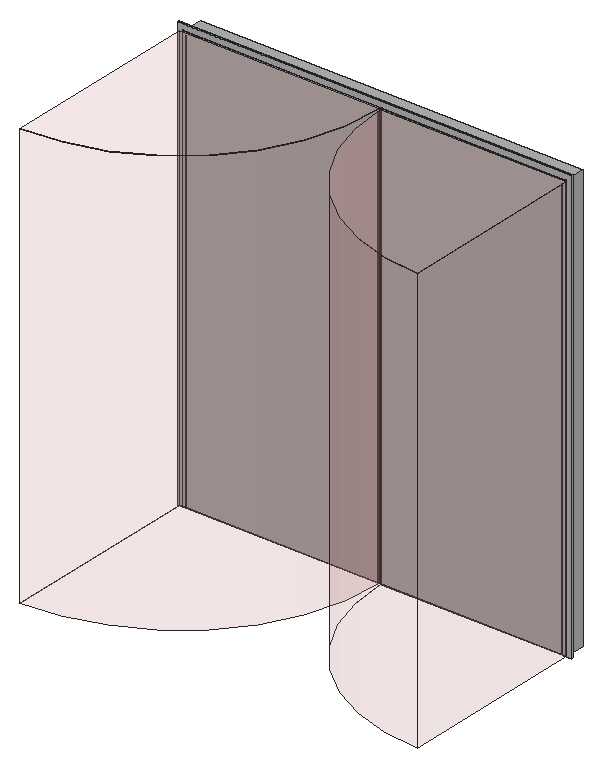
Revit family "ASSA ABLOY - ALPE Sp 30-2, double-leaf, angular frame", category Doors, host Wall, Revit 2021
Family settings
  Host = Wall
  OmniClass Number = 23.30.10.00
  OmniClass Title = Doors
  Always vertical = Yes
  Cut with Voids When Loaded = No
  Shared = No
  Room Calculation Point = No
Parameters (values of type "1800 x 2100 (1920 x 2140)")
  URL = "https://www.assaabloy.com/pl/pl"
  Type Comments = "Door leaf made of two pressed galvanised steel sheets 1,25mm thick. Filled with mineral wool glued to the sheets with polyurethane adhesive. Door with 3-sided thin rebate."
  Rough Width Real = Width Round + Rough Width Conversion + Rough Width Adjustment  # 1911.500 mm
  Rough Height Real = Height Round + Rough Height Conversion + Rough Height Adjustment  # 2134.000 mm
  Rough Width Conversion = 111.500 mm  # constant formula
  Rough Width Adjustment = 0.000 mm  # constant formula
  Rough Height Conversion = 34.000 mm  # constant formula
  Rough Height Adjustment = 0.000 mm  # constant formula
  Passive Symbol Radius [instance] = Passive Leaf Width + 13.500 mm  # 1001.000 mm
  Passive Leaf Width [instance] = Rough Width Real - Middle Post - 4.000 mm  # 987.500 mm
  Opening Zone [instance] = yes
  Model = "Doorset_Steel door NFR or EI30, evacuation (EN 1125) - active leaf_ASSA ABLOY Opening Solutions_Hardware 3D"
  Middle Post [instance] = Active Leaf Clear Passage Width + 120.000 mm  # 920.000 mm
  Hinges Material = Default steel
  HW Item 9 = "1x TL0151BS: round rosette PZPZ, stainless steel_ASSA ABLOY"
  HW Item 8 = "1x TL4106SS: U-shape handle on round rosette, class 4 (EN1906), stainless steel_ASSA ABLOY"
  HW Item 10 = "1x 206253: Vercy door stopper, max 120 kg_ASSA ABLOY (option)"
  Frame Finish [instance] = ""
  Fire Rating NFR (0) = [Fire Rating - Set Value] = 0  # yes
  Fire Rating EI30 (1) = [Fire Rating - Set Value] = 1  # no
  Fire Rating - Set Value = 0
  Fire Rating = if([Fire Rating NFR (0)], "NFR", if([Fire Rating EI30 (1)], "EI30", "0"))  # "NFR"
  Width Round = roundup((Width / 5.000 mm)) * 5.000 mm  # 1800.000 mm
  Thickness = 54.000 mm  # constant formula
  Smoke Rating = "Sa, S200 (optional)"
  Rough Width = Width Round + 8.500 mm + Rough Width Conversion + Rough Width Adjustment  # 1920.000 mm
  Rough Height = Height Round + 6.000 mm + Rough Height Conversion + Rough Height Adjustment  # 2140.000 mm
  Readme = "The actual lintel height is consistent with the Rough Height parameter.\r\nThe final HW Set should be consistent with the function of the door and its  parameters.\r\nHardware mounted on door surface may affect the clear passage opening. For verification, please contact the specification department.\r\nFor the corner door frame installed in a steel structure and plasterboard walls, add 3 cm per each leaf to the width of the Rough Width opening.\r\nIf you would like to change panic device to another one, please contact the specification team to verify opening and new solution compatibility."
  Provider = "ASSA ABLOY Opening Solutions"
  Product Group = "Double-Steel-Evacuation (EN 1125)"
  Name = "Steel door NFR or EI30, evacuation (EN 1125) - active leaf"
  Min Door Width = 1250.000 mm
  Min Door Height = 2000.000 mm
  Mechanical Strength = 4
  Max Door Width = 2440.000 mm
  Max Door Height = 2500.000 mm
  Manufacturer = "ASSA ABLOY"  # constant formula
  IfcExportType = "USERDEFINED"
  IfcExportAs = "IfcDoorType"
  Height Round = roundup((Height / 5.000 mm)) * 5.000 mm  # 2100.000 mm
  Hardware Set = "2.9PL"
  HW Item 7 = "1x N2000: One System panic device (EN1125), type A (crossbar)_ASSA ABLOY"
  HW Item 6 = "1x SK6 Radius: euro profile cylinder_IKON"
  HW Item 5 = "1x N4572: central semi-automatic flush bolt _Corni (passive leaf)"
  HW Item 4 = "1x N11xx: mechanical, panic mortice lockcase_ASSA ABLOY"
  HW Item 3 = "2x A153: mechanical opening damper_ASSA ABLOY (option)"
  HW Item 2 = "1x G461: guide rail with integrated coordinator_ASSA ABLOY"
  HW Item 1 = "2x DC700/ DC500: door closer, Cam-Motion®_ASSA ABLOY"
  Function = Interior
  Height = 2100.000 mm
  Wall Closure = By host
  Width = 1800.000 mm
  Frame Type = "Welded steel corner frame, made of galvanised sheet 1,5mm thick."
  Frame Material = Default steel
  Family name = "2.9_DOORSET_ALPE Sp 30-2_DOUBLE-LEAF_CORNER FRAME_ASSA ABLOY PL"
  Environmental Product Declaration (EPD) = "To be confirmed with Provider"  # constant formula
  Environmental Management System = "To be confirmed with Provider"  # constant formula
  Edition number = "1"
  Door Type = "ALPE Sp 30-2"
  Door Material = Default steel
  Door Finish Push Side [instance] = ""
  Door Finish Pull Side [instance] = ""
  Description = "ALPE Sp 30-2, door leaf made of two pressed galvanised steel sheets 1,25mm thick. Filled with mineral wool glued to the sheets with polyurethane adhesive. Door with 3-sided thin rebate. Stainless steel hinges with 3D regulation. Mechanical durability – class C5 according to PN-EN 16034:2014. Mechanical strength – class 4 according to PN-EN 1192:2001. Welded steel corner frame, made of galvanised sheet 1,5mm thick."
  Date of publishing = ""
  Contact Provider = "https://www.assaabloy.com/pl/pl/solutions/topics/bim-specification/contact"
  Brand = "ASSA ABLOY Mercor Doors Sp. z o. o."  # constant formula
  Author = "www.archispace.pl"
  Active Symbol Radius [instance] = Active Leaf Width + 13.500 mm  # 929.500 mm
  Active Leaf Width [instance] = Middle Post - 4.000 mm  # 916.000 mm
  Active Leaf Clear Passage Width = 800.000 mm
Types (3, lengths in mm): name | Rough Width Real | Rough Height Real | Passive Symbol Radius | Passive Leaf Width | Middle Post | Width Round | Rough Width | Rough Height | Height Round | Height | Width | Active Symbol Radius | Active Leaf Width | Active Leaf Clear Passage Width
  1250 x 2000 (1370 x 2040) | 1361.500 | 2034.000 | 672.000 | 658.500 | 699.000 | 1250.000 | 1370.000 | 2040.000 | 2000.000 | 2000.000 | 1250.000 | 708.500 | 695.000 | 579.000
  1800 x 2100 (1920 x 2140) | 1911.500 | 2134.000 | 1001.000 | 987.500 | 920.000 | 1800.000 | 1920.000 | 2140.000 | 2100.000 | 2100.000 | 1800.000 | 929.500 | 916.000 | 800.000
  2450 x 2500 (2570 x 2540) | 2561.500 | 2534.000 | 1651.000 | 1637.500 | 920.000 | 2450.000 | 2570.000 | 2540.000 | 2500.000 | 2500.000 | 2450.000 | 929.500 | 916.000 | 800.000
Reference planes
  plane 1: y = 0
  plane 2 "Center (Left/Right)": x = 0
  plane 3: z = 2134
  plane 4 "Exterior": y = 120
  plane 5 "Interior": y = -120
  plane 6: x = -955.75
  plane 7: x = 955.75
  plane 8: z = 2100
  plane 9: y = -129
  plane 10: x = 35.75
  plane 11: y = -74
  plane 12: y = -60
  plane 13: y = -22
  plane 14: y = -24.5
  plane 15: z = 2117
  plane 16: x = 938.35
  plane 17: x = -938.35
  plane 18: x = 921.75
  plane 19: x = -921.75
  plane 20: x = 17.05
  plane 21: x = 54.45
  plane 22: y = -137
  plane 23: x = -966.85
  plane 24: x = 966.85
  plane 25: z = 5
  plane 26: x = -960
  plane 27: x = 960
  plane 28: z = 2140
  plane 29: z = 2133
Forms (mm)
  Sweep 1, solid, material "Default steel" <- "Frame Material"
    path origin (0, -120, 0) x (1, 0, 0) y (0, 0, 1)
      loop
        line (-955.75, 0) -> (-955.75, 2134) -> (955.75, 2134) -> (955.75, 0)
    profile origin (-955.75, -120, 1067) x (-1, 0, 0) y (0, -1, 0)
      loop
        line (30, 0) -> (30, 9) -> (-12, 9) -> (-12, -60) -> (-19, -60) -> (-19, -46) -> (-34, -46) -> (-34, -98) -> (-8, -98) -> (-8, -95.5) -> (0, -95.5) -> (0, 0) -> (30, 0)
  Sweep 2, solid, material "Default steel" <- "Door Material"
    path origin (-5000, -120, 0) x (1, 0, 0) y (0, 0, 1)
      loop
        line (4061.65, 5) -> (4061.65, 2116.6) -> (5014.05, 2116.6) -> (5014.05, 5)
    profile origin (-462.15, -120, 2116.6) x (0, 0, 1) y (0, -1, 0)
      loop
        line (0, 12.4) -> (0, 10) -> (19, 10) -> (19, 12.4) -> (0, 12.4)
  Sweep 3, solid, material "Default steel" <- "Door Material"
    path origin (0, -120, 0) x (1, 0, 0) y (0, 0, 1)
      loop
        line (0, 5) -> (0, 2116.6)
    profile origin (0, -120, 1060.8) x (-1, 0, 0) y (0, -1, 0)
      loop
        line (938.35, -41.6) -> (938.35, 12.4) -> (-17.05, 12.4) -> (-17.05, -41.6) -> (938.35, -41.6)
  Sweep 4, solid, material "Opening zone", visible <- "Opening Zone"
    path origin (-5600, 0, 0) x (-1, 0, 0) y (0, 0, 1)
      loop
        line (-5600, 5) -> (-5600, 2133)
    profile origin (0, 0, 1069) x (1, 0, 0) y (0, 1, 0)
      loop
        line (-966.85, -137) -> (-966.85, -1138)
        arc (-966.85, -1138) -> (-259.036, -844.814) -> (34.15, -137) r 1001
        line (34.15, -137) -> (-966.85, -137)
  Sweep 5, solid, material "Default steel" <- "Frame Material"
    path origin (0, -120, 0) x (1, 0, 0) y (0, 0, 1)
      loop
        line (35.75, 5) -> (35.75, 2100)
    profile origin (35.75, -120, 1052.5) x (-1, 0, 0) y (0, -1, 0)
      loop
        line (18.7, 10) -> (6, 10) -> (-2, 7) -> (-13.3, 7) -> (-13.3, -43.2) -> (-20.8, -43.2) -> (-20.8, -54) -> (-35.8, -54) -> (-35.8, -43.2) -> (-38.3, -43.2) -> (-38.3, -57.6) -> (31.7, -57.6) -> (31.7, -41.6) -> (18.7, -41.6) -> (18.7, 10)
  Sweep 6, solid, material "Default steel" <- "Door Material"
    path origin (-4260, -120, 0) x (1, 0, 0) y (0, 0, 1)
      loop
        line (4317.45, 5) -> (4317.45, 2116.6) -> (5198.35, 2116.6) -> (5198.35, 5)
    profile origin (497.9, -120, 2116.6) x (0, 0, 1) y (0, -1, 0)
      loop
        line (0, 12.4) -> (0, 10) -> (19, 10) -> (19, 12.4) -> (0, 12.4)
  Sweep 7, solid, material "Default steel" <- "Door Material"
    path origin (740, -120, 0) x (1, 0, 0) y (0, 0, 1)
      loop
        line (-704.25, 5) -> (-704.25, 2116.6)
    profile origin (35.75, -120, 1060.8) x (-1, 0, 0) y (0, -1, 0)
      loop
        line (-902.6, -41.6) -> (-18.7, -41.6) -> (-18.7, 12.4) -> (-902.6, 12.4) -> (-902.6, -41.6)
  Sweep 8, solid, material "Opening zone", visible <- "Opening Zone"
    path origin (5600, 0, 0) x (1, 0, 0) y (0, 0, -1)
      loop
        line (-5600, -5) -> (-5600, -2133)
    profile origin (0, 0, 1069) x (1, 0, 0) y (0, 1, 0)
      loop
        line (966.85, -137) -> (37.35, -137)
        arc (37.35, -137) -> (309.594, -794.256) -> (966.85, -1066.5) r 929.5
        line (966.85, -1066.5) -> (966.85, -137)
Cuts and joins
  joined: Sweep 2, Sweep 3
  joined: Sweep 1, Sweep 5
  joined: Sweep 6, Sweep 7
Lines and regions (mm)
  Masking region 1, detail levels fine
    outline origin (-1132.682, -300, 2037) x (-1, 0, 0) y (0, -1, 0)
      loop
        line (-210.932, -226) -> (-210.932, -278) -> (-184.932, -278) -> (-184.932, -275.5) -> (-176.932, -275.5) -> (-176.932, -180) -> (-146.932, -180) -> (-146.932, -171) -> (-188.932, -171) -> (-188.932, -240) -> (-195.932, -240) -> (-195.932, -226) -> (-210.932, -226)
      loop
        line (-2054.432, -226) -> (-2069.432, -226) -> (-2069.432, -240) -> (-2076.432, -240) -> (-2076.432, -171) -> (-2118.432, -171) -> (-2118.432, -180) -> (-2088.432, -180) -> (-2088.432, -275.5) -> (-2080.432, -275.5) -> (-2080.432, -278) -> (-2054.432, -278) -> (-2054.432, -226)
  Masking region 2, detail levels medium
    outline origin (-1132.682, -300, 2037) x (-1, 0, 0) y (0, -1, 0)
      loop
        line (-210.932, -171) -> (-210.932, -278) -> (-176.932, -278) -> (-176.932, -180) -> (-146.932, -180) -> (-146.932, -171) -> (-210.932, -171)
      loop
        line (-2054.432, -171) -> (-2118.432, -171) -> (-2118.432, -180) -> (-2088.432, -180) -> (-2088.432, -278) -> (-2054.432, -278) -> (-2054.432, -171)
  Masking region 3, detail levels fine
    outline origin (-1132.682, -300, 2037) x (-1, 0, 0) y (0, -1, 0)
      loop
        circle (-165.832, -163) r 9.5
      loop
        circle (-2099.532, -163) r 9.5
  Opening 1
    outline origin (-5000, -120, 0) x (1, 0, 0) y (0, 0, 1)
      loop
        line (4040, 2140) -> (4040, 0) -> (5960, 0) -> (5960, 2140) -> (4040, 2140)
  symbolic lines, style "Elevation Swing"
    curve 1: line (32.75, -120, 1067) -> (-921.75, -120, 2100)
    curve 2: line (32.75, -120, 1067) -> (-921.75, -120, 5)
    curve 3: line (38.75, -120, 1067) -> (921.75, -120, 2100)
    curve 4: line (38.75, -120, 1067) -> (921.75, -120, 5)
Text (mm)
  text "Exterior" at (-1376.75, 1099.543, 0), in view "Ref. Level"
  text "Exterior" at (0, 1615.38, 3698.081), in view "Left"
  text "Exterior" at (0, 1036.032, 3874.932), in view "Right"
Dimensions and locks
  "Rough Height Real": plane 3 to host wall
  equal spacing: host wall, curve 2, plane 3
  host wall to plane 3 = 2134.000 mm
  locked: plane 4 "Exterior" to host wall
  locked: plane 5 "Interior" to host wall
  equal spacing: plane 6, plane 2 "Center (Left/Right)", plane 7
  "Rough Width Real": plane 6 to plane 7
  "Height": plane 8 to level
  locked: Masking region 1 sketch curve to plane 6 at 30
  locked: plane 6 to Masking region 1 sketch curve at 12
  locked: plane 9 to plane 5 "Interior" at 9
  locked: plane 11 to plane 12 at 14
  locked: plane 12 to plane 14 at 35.5
  locked: plane 13 to plane 14 at 2.5
  locked: plane 6 to Masking region 1 sketch curve at 8
  locked: plane 6 to Masking region 1 sketch curve at 19
  locked: Masking region 2 sketch curve to plane 6 at 30
  locked: plane 7 to Masking region 2 sketch curve at 30
  locked: plane 7 to Masking region 1 sketch curve at 30
  locked: Masking region 1 sketch curve to plane 7 at 12
  locked: Masking region 1 sketch curve to plane 7 at 8
  locked: plane 6 to plane 17 at 17.4
  locked: plane 16 to plane 7 at 17.4
  locked: plane 3 to plane 15 at 17
  locked: plane 18 to plane 7 at 34
  locked: plane 6 to plane 19 at 34
  locked: plane 20 to plane 10 at 18.7
  locked: plane 10 to plane 21 at 18.7
  "Middle Post": plane 10 to plane 7
  locked: plane 22 to plane 5 "Interior" at 17
  locked: plane 18 to plane 24 at 45.1
  locked: plane 23 to plane 19 at 45.1
  equal spacing: plane 3, curve 4, level
  locked: plane 25 to level at 5
  equal spacing: plane 26, plane 2 "Center (Left/Right)", plane 27
  "Rough Width": plane 26 to plane 27
  "Rough Height": plane 28 to level
  locked: plane 3 to plane 29 at 1
  locked: plane 9 to plane 13 at 107
  plane 22 to nested 1 = 9.500 mm
  locked: Sweep 2 sketch curve to profile plane at 10
  cut or joined group of Sweep 2, Sweep 3 to plane 5 "Interior" = 12.400 mm
  locked: Sweep 3 sketch curve to Sweep 3 sketch curve at 54
  locked: plane 22 to Sweep 6 sketch curve at 4.6
  locked: Sweep 6 sketch curve to Sweep 6 sketch curve at 2.4
  locked: Sweep 7 sketch curve to plane 22 at 4.6
  locked: Sweep 7 sketch curve to Sweep 7 sketch curve at 54
  locked: plane 15 to Sweep 3 sketch curve at 0.4
  locked: Sweep 2 sketch curve to plane 15 at 0.4
  locked: Sweep 2 sketch curve to Sweep 2 sketch curve at 19
  locked: plane 15 to Sweep 7 sketch curve at 0.4
  locked: Sweep 6 sketch curve to Sweep 6 sketch curve at 19
  locked: Sweep 2 sketch curve to plane 20 at 3
  locked: Sweep 6 sketch curve to plane 21 at 3
  locked: plane 15 to Sweep 6 sketch curve at 0.4
  locked: plane 20 to Sweep 5 sketch curve at 32
  locked: Sweep 5 sketch curve to Sweep 5 sketch curve at 16
  locked: Sweep 5 sketch curve to plane 20 at 13
  locked: Sweep 5 sketch curve to Sweep 5 sketch curve at 25
  plane 7 to plane 24 = 11.100 mm
  locked: nested 1 to plane 24 at 4.6
  plane 20 to plane 21 = 37.400 mm
  locked: Masking region 1 sketch curve to Masking region 1 sketch curve at 7
  "Passive Symbol Radius": radius of Sweep 4 sketch curve
  "Active Symbol Radius": radius of Sweep 8 sketch curve
  aligned and locked: plane 1 to host wall
  aligned and locked: level to Sweep 1 sketch curve  (x2)
  aligned and locked: Sweep 1 sketch curve to plane 6
  aligned and locked: plane 7 to Sweep 1 sketch curve
  aligned and locked: plane 2 "Center (Left/Right)" to Sweep 3 sketch curve
  aligned and locked: nested 1 to plane 2 "Center (Left/Right)"
  aligned and locked: plane 5 "Interior" to Masking region 1 sketch curve
  aligned and locked: Masking region 1 sketch curve to plane 6
  aligned and locked: plane 9 to Masking region 1 sketch curve  (x2)
  aligned and locked: Masking region 1 sketch curve to plane 11
  aligned and locked: plane 12 to Masking region 1 sketch curve  (x2)
  aligned and locked: plane 14 to Masking region 1 sketch curve  (x2)
  aligned and locked: Masking region 1 sketch curve to plane 13
  aligned and locked: plane 9 to Masking region 2 sketch curve  (x2)
  aligned and locked: Masking region 2 sketch curve to plane 13
  aligned and locked: plane 13 to Masking region 2 sketch curve
  aligned and locked: Masking region 2 sketch curve to plane 7
  aligned and locked: Masking region 1 sketch curve to plane 5 "Interior"
  aligned and locked: plane 11 to Masking region 1 sketch curve
  aligned and locked: plane 13 to Masking region 1 sketch curve
  aligned and locked: plane 3 to Sweep 1 sketch curve
  aligned and locked: Sweep 3 sketch curve to plane 17
  aligned and locked: Sweep 5 sketch curve to plane 10
  aligned and locked: plane 20 to Sweep 3 sketch curve
  aligned and locked: Sweep 7 sketch curve to plane 10
  aligned and locked: Sweep 7 sketch curve to plane 21
  aligned and locked: plane 16 to Sweep 7 sketch curve
  aligned and locked: Sweep 6 sketch curve to plane 16
  aligned and locked: plane 5 "Interior" to nested 1
  aligned and locked: Sweep 4 sketch curve to plane 22
  aligned and locked: plane 23 to Sweep 4 sketch curve
  aligned and locked: plane 2 "Center (Left/Right)" to Sweep 8 sketch curve
  aligned and locked: plane 22 to Sweep 8 sketch curve
  aligned and locked: Sweep 8 sketch curve to plane 24
  aligned and locked: plane 25 to Sweep 5 sketch curve
  aligned and locked: level to Opening 1 sketch curve
  aligned and locked: Opening 1 sketch curve to plane 26
  aligned and locked: Opening 1 sketch curve to plane 27
  aligned and locked: plane 8 to Sweep 5 sketch curve
  aligned and locked: Opening 1 sketch curve to plane 28
  aligned and locked: plane 25 to Sweep 2 sketch curve  (x2)
  aligned and locked: plane 25 to Sweep 6 sketch curve  (x2)
  aligned and locked: plane 29 to Sweep 8 sketch curve
  aligned and locked: plane 25 to Sweep 8 sketch curve
  aligned and locked: plane 29 to Sweep 4 sketch curve
  aligned and locked: plane 25 to Sweep 4 sketch curve
  aligned and locked: plane 2 "Center (Left/Right)" to Sweep 4 sketch curve
  aligned and locked: plane 8 to curve 1
  aligned and locked: plane 19 to curve 1
  aligned and locked: plane 18 to curve 3
  aligned and locked: plane 8 to curve 3
  aligned and locked: plane 19 to curve 2
  aligned and locked: plane 25 to curve 2
  aligned and locked: plane 18 to curve 4
  aligned and locked: plane 25 to curve 4
  aligned and locked: Masking region 1 sketch curve to plane 19
  aligned and locked: plane 22 to Masking region 3 sketch curve  (x2)
  aligned and locked: plane 24 to Masking region 3 sketch curve
  aligned and locked: plane 14 to Sweep 1 sketch curve
  aligned and locked: Sweep 1 sketch curve to plane 19
  aligned and locked: Sweep 1 sketch curve to plane 13
  aligned and locked: Sweep 1 sketch curve to Masking region 1  (x2)
  aligned and locked: Sweep 1 sketch curve to plane 12
  aligned and locked: Sweep 1 sketch curve to plane 11
  aligned and locked: cut or joined group of Sweep 2, Sweep 3 to Sweep 5 sketch curve
  aligned and locked: plane 23 to Masking region 3 sketch curve
  aligned and locked: plane 25 to Sweep 3 sketch curve
  aligned and locked: plane 25 to Sweep 7 sketch curve
  aligned and locked: Sweep 2 sketch curve to plane 17
  aligned and locked: Sweep 5 sketch curve to plane 20
  aligned and locked: Masking region 2 sketch curve to plane 19
  aligned and locked: plane 18 to Masking region 2 sketch curve
Automatic sketch dimensions
  Sweep 2 sketch curve to Sweep 2 sketch curve = 2.400 mm
  Masking region 2 sketch curve to plane 6 = 0.000 mm
  host wall to Masking region 2 sketch curve = 0.000 mm  (x2)
  Sweep 1 sketch curve to profile plane = 0.000 mm
  plane 5 "Interior" to Sweep 1 sketch curve = 0.000 mm
  profile plane to Sweep 1 sketch curve = 12.000 mm
  Sweep 1 sketch curve to Sweep 1 sketch curve = 30.000 mm
  plane 5 "Interior" to Sweep 1 sketch curve = 9.000 mm
  Masking region 1 sketch curve to plane 7 = 0.000 mm
  Sweep 5 sketch curve to Sweep 5 sketch curve = 2.500 mm
  profile plane to Sweep 5 sketch curve = 2.000 mm
  Sweep 5 sketch curve to profile plane = 6.000 mm
  Sweep 5 sketch curve to Sweep 5 sketch curve = 3.600 mm
  Sweep 5 sketch curve to Sweep 5 sketch curve = 10.800 mm  (x2)
  plane 5 "Interior" to Sweep 5 sketch curve = 7.000 mm
  Sweep 5 sketch curve to Sweep 5 sketch curve = 3.000 mm
  plane 10 to curve 2 = 3.000 mm
  curve 3 to plane 10 = 3.000 mm
  Masking region 1 sketch curve to plane 18 = 0.000 mm
  Sweep 5 sketch curve to Sweep 5 sketch curve = 7.500 mm
  Sweep 3 sketch curve to plane 5 "Interior" = 41.600 mm
  profile plane to Sweep 2 sketch curve = 0.000 mm
  profile plane to Sweep 6 sketch curve = 0.000 mm
  radius of Masking region 3 sketch curve = 9.500 mm  (x2)
Nested families
  nested 1: "Detail_Door symbol" at (0, -120, 2037), type "Detail_Door symbol"
Definition of nested family "Detail_Door symbol"
  Parameters (values of type "Detail_Door symbol")
    Rough Width = 1911.500 mm
    Passive Symbol Radius = 1001.000 mm
    Passive Leaf Width = 987.500 mm
    Middle Post = 920.000 mm
    Active Symbol Radius = 929.500 mm
    Active Leaf Width = 916.000 mm
  Reference planes
    plane 1 "Center (Front/Back)": y = 0
    plane 2: z = 0
    plane 3 "Center (Left/Right)": x = 0
    plane 4: x = -955.75
    plane 5: y = -17
    plane 6: x = -966.85
    plane 7: y = -26.5
    plane 8: y = -45.5
    plane 9: y = -998
    plane 10: y = -1014
    plane 11: x = -962.25
    plane 12: x = -960.5
    plane 13: x = -908.25
    plane 14: x = 955.75
    plane 15: y = -17
    plane 16: x = 966.85
    plane 17: y = -26.5
    plane 18: y = -45.5
    plane 19: y = -923.5
    plane 20: y = -942.5
    plane 21: x = 962.25
    plane 22: x = 959.85
    plane 23: x = 908.25
    plane 24: y = -985
    plane 25: y = -1055
    plane 26: y = -1030
    plane 27: x = -892.25
    plane 28: x = -892
  Lines and regions (mm)
    Filled region 1, type "Solid Fill - White", in view "Ref. Level", detail levels fine
      outline origin (28.5, 43.059, 0) x (1, 0, 0) y (0, 1, 0)
        loop
          line (-990.75, -69.559) -> (-990.75, -1057.059) -> (-989, -1057.059) -> (-989, -1041.059) -> (-936.75, -1041.059) -> (-936.75, -88.559) -> (-989, -88.559) -> (-989, -69.559) -> (-990.75, -69.559)
    Filled region 2, type "Solid Fill - White", in view "Ref. Level", detail levels medium
      outline origin (-271.5, 43.059, 0) x (1, 0, 0) y (0, 1, 0)
        loop
          line (-690.75, -69.559) -> (-690.75, -1057.059) -> (-636.75, -1057.059) -> (-636.75, -69.559) -> (-690.75, -69.559)
    Filled region 3, type "Solid Fill - White", in view "Ref. Level", detail levels fine
      outline origin (-28.5, 43.059, 0) x (0, 1, 0) y (-1, 0, 0)
        loop
          arc (-70.259, -990.75) -> (-69.764, -990.545) -> (-69.559, -990.05) r 0.7
          line (-69.559, -990.05) -> (-69.559, -989.05)
          arc (-69.559, -989.05) -> (-69.764, -988.555) -> (-70.259, -988.35) r 0.7
          line (-70.259, -988.35) -> (-88.559, -988.35) -> (-88.559, -936.75) -> (-966.559, -936.75) -> (-966.559, -988.35) -> (-985.559, -988.35) -> (-985.559, -990.75) -> (-70.259, -990.75)
    Filled region 4, type "Solid Fill - White", in view "Ref. Level", detail levels fine
      outline origin (28.5, -61.941, 0) x (1, 0, 0) y (0, 1, 0)
        loop
          line (-934.25, -993.059) -> (-920.75, -993.059) -> (-920.75, -923.059) -> (-936.75, -923.059) -> (-936.75, -936.059) -> (-988, -936.059) -> (-988, -949.059) -> (-985, -957.059) -> (-985, -968.059) -> (-934.25, -968.059) -> (-934.25, -973.559) -> (-923.75, -973.559) -> (-923.75, -988.559) -> (-934.25, -988.559) -> (-934.25, -993.059)
    Filled region 5, type "Solid Fill - White", in view "Ref. Level", detail levels medium
      outline origin (183.5, -61.941, 0) x (1, 0, 0) y (0, 1, 0)
        loop
          line (-1091.75, -923.059) -> (-1091.75, -993.059) -> (-1075.75, -993.059) -> (-1075.75, -923.059) -> (-1091.75, -923.059)
    Filled region 6, type "Solid Fill - White", in view "Ref. Level", detail levels medium
      outline origin (271.5, 43.059, 0) x (0, 1, 0) y (-1, 0, 0)
        loop
          line (-69.559, -690.75) -> (-69.559, -636.75) -> (-985.559, -636.75) -> (-985.559, -690.75) -> (-69.559, -690.75)
    detail lines, in view "Ref. Level"
      curve 1: arc (-966.85, -1018, 0) -> (-259.036, -724.814, 0) -> (34.15, -17, 0) r 1001
      curve 3: arc (966.85, -946.5, 0) -> (309.594, -674.256, 0) -> (37.35, -17, 0) r 929.5
    detail lines, in view "Ref. Level", detail levels coarse
      curve 2: line (-966.85, -1018, 0) -> (-966.85, -17, 0)
      curve 4: line (966.85, -946.5, 0) -> (966.85, -17, 0)
  Dimensions and locks
    locked: plane 10 to plane 9 at 16
    "Passive Leaf Width": plane 10 to plane 7
    plane 11 to plane 4 = 6.500 mm
    locked: plane 12 to plane 4 at 4.75
    locked: plane 11 to plane 13 at 54
    locked: plane 1 "Center (Front/Back)" to plane 5 at 17
    locked: plane 6 to plane 4 at 11.1
    locked: plane 1 "Center (Front/Back)" to plane 7 at 26.5
    locked: plane 7 to plane 8 at 19
    "Rough Width": plane 4 to plane 14
    equal spacing: plane 4, plane 3 "Center (Left/Right)", plane 14
    locked: plane 20 to plane 19 at 19
    "Active Leaf Width": plane 20 to plane 17
    plane 22 to plane 14 = 4.100 mm
    locked: plane 21 to plane 23 at 54
    locked: plane 1 "Center (Front/Back)" to plane 15 at 17
    locked: plane 16 to plane 14 at 11.1
    locked: plane 1 "Center (Front/Back)" to plane 17 at 26.5
    locked: plane 17 to plane 18 at 19
    locked: plane 26 to plane 10 at 16
    locked: plane 26 to plane 25 at 25
    locked: plane 10 to plane 24 at 29
    locked: plane 13 to plane 27 at 16
    locked: plane 27 to plane 28 at 0.25
    locked: plane 21 to plane 16 at 4.6
    locked: plane 22 to plane 21 at 2.4
    locked: plane 6 to plane 11 at 4.6
    locked: Filled region 4 sketch curve to Filled region 4 sketch curve at 15
    "Passive Symbol Radius": radius of curve 1
    "Active Symbol Radius": radius of curve 3
    aligned and locked: plane 6 to curve 1
    aligned and locked: plane 5 to curve 1
    aligned and locked: plane 11 to Filled region 1 sketch curve
    aligned and locked: plane 10 to Filled region 1 sketch curve
    aligned and locked: Filled region 1 sketch curve to plane 12  (x2)
    aligned and locked: plane 9 to Filled region 1 sketch curve
    aligned and locked: Filled region 1 sketch curve to plane 13
    aligned and locked: Filled region 1 sketch curve to plane 7
    aligned and locked: Filled region 1 sketch curve to plane 8
    aligned and locked: Filled region 2 sketch curve to plane 7
    aligned and locked: plane 10 to Filled region 2 sketch curve
    aligned and locked: plane 11 to Filled region 2 sketch curve
    aligned and locked: Filled region 2 sketch curve to plane 13
    aligned and locked: curve 3 to plane 16
    aligned and locked: plane 15 to curve 3
    aligned and locked: plane 21 to Filled region 3 sketch curve
    aligned and locked: plane 20 to Filled region 3 sketch curve
    aligned and locked: Filled region 3 sketch curve to plane 22  (x2)
    aligned and locked: plane 19 to Filled region 3 sketch curve
    aligned and locked: Filled region 3 sketch curve to plane 23
    aligned and locked: Filled region 3 sketch curve to plane 17
    aligned and locked: Filled region 3 sketch curve to plane 18
    aligned and locked: plane 24 to Filled region 4 sketch curve
    aligned and locked: plane 9 to Filled region 4 sketch curve
    aligned and locked: Filled region 4 sketch curve to plane 25
    aligned and locked: Filled region 4 sketch curve to plane 27
    aligned and locked: Filled region 4 sketch curve to plane 13
    aligned and locked: plane 24 to Filled region 5 sketch curve
    aligned and locked: Filled region 5 sketch curve to plane 27
    aligned and locked: Filled region 5 sketch curve to plane 25
    aligned and locked: Filled region 5 sketch curve to plane 13
    aligned and locked: Filled region 6 sketch curve to plane 17
    aligned and locked: Filled region 6 sketch curve to plane 21
    aligned and locked: plane 23 to Filled region 6 sketch curve
    aligned and locked: plane 20 to Filled region 6 sketch curve
    aligned and locked: curve 4 to plane 15
    aligned and locked: curve 4 to plane 16
  Automatic sketch dimensions
    Filled region 3 sketch curve to plane 7 = 0.700 mm  (x2)
    Filled region 4 sketch curve to plane 26 = 0.000 mm
    Filled region 4 sketch curve to plane 4 = 0.750 mm
    plane 12 to Filled region 4 sketch curve = 1.000 mm
    plane 13 to Filled region 4 sketch curve = 2.500 mm  (x2)
    Filled region 4 sketch curve to plane 27 = 3.000 mm
    plane 25 to Filled region 4 sketch curve = 4.500 mm
    plane 10 to Filled region 4 sketch curve = 5.000 mm
    Filled region 4 sketch curve to plane 10 = 3.000 mm
    curve 2 to plane 5 = 0.000 mm
